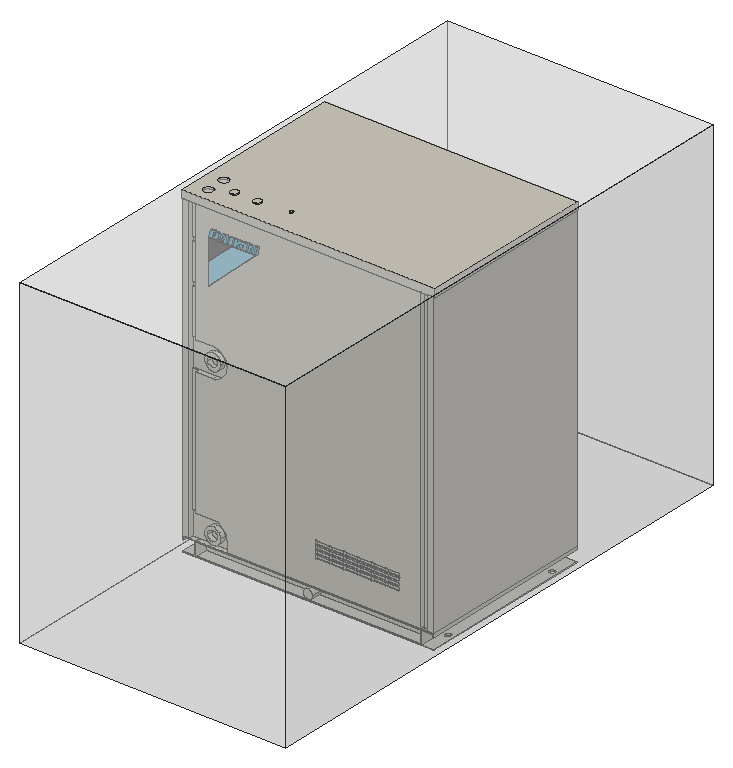
Revit family "outputfile", category 機械設備, Revit 2024
Family settings
  丸型コネクタ寸法 = 半径を使用
  種別 = なし
  パーツ タイプ = 標準
  OmniClass 番号 = 23.75.10.24.21.27.27
  OmniClass タイトル = Split System Air Conditioning Units
  作業面ベース = いいえ
  常に垂直 = はい
  ロード時にボイドで切り取り = いいえ
  注釈の向きを維持 = いいえ
  共有 = いいえ
  部屋計算ポイント = いいえ
Parameters (values of type "RWEYQ10TYM")
  製造元 = "Daikin"
  書き出し IFC クラス(タイプ) = "IfcUnitaryEquipmentType"
  定義済み IFC タイプ(タイプ) = "AIRCONDITIONINGUNIT"
  モデル = "RWEYQ10TYM"
  switch_unit1_6-8 = no
  switch_unit1_12 = no
  switch_unit1_10 = yes
  r_Water Outlet Pipe Connection = Water Outlet Pipe Connection_Unit1 / 2  # 15.9 mm
  r_Water Inlet Pipe Connection = Water Inlet Pipe Connection_Unit1 / 2  # 15.9 mm
  r_HP/LP Gas Pipe Size [instance] = [HP/LP Gas Pipe Size_Unit 1] / 2  # 11.1 mm
  r_Drain Pipe Size = Drain Pipe Size / 2  # 6.35 mm
  lw_Water Outlet = 95.0 mm
  lw_Water Inlet = 95.0 mm
  lw_HP/LP Gas Pipe [instance] = if(Heat Pump, 178.0 mm, 107.0 mm)  # 178.0 mm
  lw_Drain = 390.0 mm
  ld_HP/LP Gas Pipe = 69.0 mm
  h_mountinghole = [h_***] + 2.3 mm  # 2.3 mm
  r_Liquid Pipe Size = Liquid Pipe Size_Unit 1 / 2  # 4.75 mm
  r_Gas Pipe Size = Gas Pipe Size_Unit 1 / 2  # 11.1 mm
  angle_Drain [instance] = if(Rear Connection_Drain, 180.00°, 0.00°)  # 0.00°
  Water Outlet Pipe Connection_Unit1 = 31.8 mm
  Water Inlet Pipe Connection_Unit1 = 31.8 mm
  Voltage_comment_60Hz = "380"
  Voltage_comment_50Hz = "380-415"
  Voltage_60Hz = 380 V
  Voltage_50Hz = 400 V
  Top Connection_powersupply2 [instance] = not(Top Connection_powersupply1)  # no
  Sound Power Level (dB) = 71
  Rear Connection_Drain [instance] = not(Front Connection_Drain)  # no
  Power Input (Heating) = 5.600 kW
  Phase_60Hz = 3
  Phase_50Hz = 3
  Nominal Heating Capacity = 31.500 kW
  Minimum Circuit Amps_60Hz = 13.6 A
  Minimum Circuit Amps_50Hz = 13.6 A
  Maximum Fuse Amps_60Hz = 15.0 A
  Maximum Fuse Amps_50Hz = 15.0 A
  Material_Heat Exchanger = DAIKIN_Blue_HE_outdoorunit
  Material_Casing = DAIKIN_IvoryWhite_Casing_outdoorunit
  lw_powersupply = 51.0 mm
  lw_liquidpipe = 274.0 mm
  lw_gaspipe [instance] = if(Heat Pump, 107.0 mm, 178.0 mm)  # 107.0 mm
  lh_powersupply = 940.0 mm
  ld_powersupply [instance] = if(Top Connection_powersupply1, 38.0 mm, 98.0 mm)  # 38.0 mm
  ld_liquidpipe = 79.0 mm
  ld_gaspipe = 69.0 mm
  h_*** = 0.0 mm
  Width = 780.0 mm
  Version = "ver.1.0"
  Unit Type = ""
  Unit Mass Weight = 147.00 kg
  Unit Designation [instance] = ""
  Uniclass2015Version = "Products v1.30"
  Uniclass2015Title = "Variable refrigerant flow units"
  Uniclass2015Code = "Pr_70_65_03_94"
  Total Cooling Capacity [instance] = 0.000 kW
  Sound Pressure Level (dBA) = 51
  Series = "VRV Heat Recovery"
  Refrigerant_Base Charge = 4.200 kg
  Refrigerant_Additional Charge [instance] = 0.000 kg
  Refrigerant Type = "R410A"
  Power Input (Cooling) = 5.430 kW
  Option Accessory 3 [instance] = ""
  Option Accessory 2 [instance] = ""
  Option Accessory 1 [instance] = ""
  Nominal Cooling Capacity = 28.000 kW
  Load Classification = HVAC
  Liquid Pipe Size_Unit 1 = 9.5 mm
  Link_Nested Family [instance] = ""
  IfcVersion = ""
  IfcExportType = "AIRCONDITIONINGUNIT"
  IfcExportAs = "IfcUnitaryEquipmentType"
  Height = 1000.0 mm
  Heat Recovery [instance] = not(Heat Pump)  # no
  Heat Pump [instance] = yes
  Heat Exchanger Type = "Stainless Steel Plate"
  HP/LP Gas Pipe Size_Unit 1 [instance] = if(and(Heat Pump, [switch_unit1_6-8]), 19.1 mm, if(and(Heat Pump, switch_unit1_10), 22.2 mm, if(and(Heat Pump, switch_unit1_12), 22.2 mm, if(and(Heat Recovery, [switch_unit1_6-8]), 15.9 mm, if(and(Heat Recovery, switch_unit1_10), 19.1 mm, if(and(Heat Recovery, switch_unit1_12), 19.1 mm, 19.1 mm))))))  # 22.2 mm
  Gas Pipe Size_Unit 1 = 22.2 mm
  Top Connection_powersupply1 [instance] = yes
  Front Connection_Drain [instance] = yes
  Frequency_60Hz = 60 Hz
  Frequency_50Hz = 50 Hz
  Drain Pipe Size = 12.7 mm
  Depth = 550.0 mm
  既定の高さ = 0.0 mm
  Cooling Ambient Wet Bulb Temperature [instance] = 0.00 °C
  Cooling Ambient Dry Bulb Temperature [instance] = 0.00 °C
  Compressor Type = "Hermetically Sealed Scroll Type"
  Clearance visibility [instance] = yes
  Clearance Top = 0.0 mm
  Clearance Right = 20.0 mm
  Clearance Rear = 500.0 mm
  Clearance Left = 20.0 mm
  Clearance Front = 600.0 mm
  Clearance Bottom = 0.0 mm
  CU Tag No. [instance] = ""
Reference planes
  plane 1 "Center (Front/Back)": y = 0
  plane 2 "h_***": z = 0
  plane 3 "Center (Left/Right)": x = 0
  plane 4 "Back": y = 275
  plane 5 "Front": y = -275
  plane 6 "Left": x = -390
  plane 7 "Right": x = 390
  plane 8 "Top": z = 1000
  plane 9 "Clearance Rear": y = 775
  plane 10 "Clearance Front": y = -875
  plane 11 "Clearance Left": x = -410
  plane 12 "Clearance Right": x = 410
  plane 13 "Clearance Top": z = 1000
  plane 14 "Clearance Bottom": z = 0
  plane 15 "Bottom": z = 0
  plane 16 "lw_powersupply": x = -339
  plane 17 "ld_powersupply": y = -237
  plane 18 "lw_liquidpipe": x = -116
  plane 19 "Rear Connection_refrigetant": y = -196
  plane 20 "lw_gaspipe": x = -283
  plane 21 "ld_gaspipe": y = -206
  plane 22 "lh_logo": z = 900
  plane 23 "lw_logo": x = 100
  plane 24 "lh_powersupply": z = 940
  plane 25 "lw_HP/LP Gas Pipe": x = -212
  plane 26 "ld_HP/LP Gas Pipe": y = -206
  plane 27 "lw_Water Inlet": x = -295
  plane 28 "lw_Water Outlet": x = -295
  plane 29 "lw_Drain": x = 0
Dimensions and locks
  equal spacing: plane 4 "Back", plane 1 "Center (Front/Back)", plane 5 "Front"
  "Depth": plane 4 "Back" to plane 5 "Front"
  equal spacing: plane 6 "Left", plane 3 "Center (Left/Right)", plane 7 "Right"
  "Width": plane 6 "Left" to plane 7 "Right"
  "Clearance Rear": plane 9 "Clearance Rear" to plane 4 "Back"
  "Clearance Front": plane 10 "Clearance Front" to plane 5 "Front"
  "Clearance Left": plane 11 "Clearance Left" to plane 6 "Left"
  "Clearance Right": plane 7 "Right" to plane 12 "Clearance Right"
  "Clearance Top": plane 13 "Clearance Top" to plane 8 "Top"
  "h_***": plane 15 "Bottom" to plane 2 "h_***"
  "Height": plane 8 "Top" to plane 15 "Bottom"
  "Clearance Bottom": plane 15 "Bottom" to plane 14 "Clearance Bottom"
  "ld_powersupply": plane 17 "ld_powersupply" to plane 5 "Front"
  "ld_liquidpipe": plane 19 "Rear Connection_refrigetant" to plane 5 "Front"
  "ld_gaspipe": plane 21 "ld_gaspipe" to plane 5 "Front"
  locked: plane 23 "lw_logo" to plane 7 "Right" at 290
  locked: plane 22 "lh_logo" to plane 15 "Bottom" at 900
  "lw_gaspipe": plane 6 "Left" to plane 20 "lw_gaspipe"
  "lw_liquidpipe": plane 6 "Left" to plane 18 "lw_liquidpipe"
  "lw_powersupply": plane 6 "Left" to plane 16 "lw_powersupply"
  "lh_powersupply": plane 24 "lh_powersupply" to plane 15 "Bottom"
  "lw_HP/LP Gas Pipe": plane 6 "Left" to plane 25 "lw_HP/LP Gas Pipe"
  "ld_HP/LP Gas Pipe": plane 26 "ld_HP/LP Gas Pipe" to plane 5 "Front"
  "lw_Water Inlet": plane 6 "Left" to plane 27 "lw_Water Inlet"
  "lw_Water Outlet": plane 6 "Left" to plane 28 "lw_Water Outlet"
  "lw_Drain": plane 6 "Left" to plane 29 "lw_Drain"
  aligned and locked: level to plane 2 "h_***"
  aligned and locked: plane 9 "Clearance Rear" to nested 2
  aligned and locked: nested 2 to plane 10 "Clearance Front"
  aligned and locked: plane 11 "Clearance Left" to nested 2
  aligned and locked: plane 12 "Clearance Right" to nested 2
  aligned and locked: plane 13 "Clearance Top" to nested 2
  aligned and locked: plane 14 "Clearance Bottom" to nested 2
  aligned and locked: plane 8 "Top" to nested 1
  aligned and locked: plane 22 "lh_logo" to nested 7
  aligned and locked: nested 8 to plane 16 "lw_powersupply"
  aligned and locked: nested 9 to plane 20 "lw_gaspipe"
  aligned and locked: nested 10 to plane 18 "lw_liquidpipe"
  aligned and locked: nested 10 to plane 19 "Rear Connection_refrigetant"
  aligned and locked: nested 9 to plane 21 "ld_gaspipe"
  aligned and locked: nested 8 to plane 17 "ld_powersupply"
  aligned and locked: plane 5 "Front" to nested 7
  aligned and locked: plane 24 "lh_powersupply" to nested 8
  aligned and locked: plane 1 "Center (Front/Back)" to nested 11
  aligned and locked: plane 27 "lw_Water Inlet" to nested 11
  aligned and locked: plane 1 "Center (Front/Back)" to nested 12
  aligned and locked: plane 28 "lw_Water Outlet" to nested 12
  aligned and locked: plane 1 "Center (Front/Back)" to nested 13
  aligned and locked: plane 29 "lw_Drain" to nested 13
  aligned and locked: plane 25 "lw_HP/LP Gas Pipe" to nested 14
  aligned and locked: nested 14 to plane 26 "ld_HP/LP Gas Pipe"
Nested families
  nested 1: "DAIKIN_outdoorunit_RWEYQ-TYM" at (-31, 0, 0), h_*** <- "h_***", Link_Nest <- "Link_Nested Family", h_mountinghole <- "h_mountinghole", Width <- "Width", type "RWEYQ-TYM"
    with show_fixedhole yes, h_mountinghole 2.3 mm, h_antenna_mountinghole 998.7 mm, h_*** 0.0 mm, array_bolt 5, Width 780.0 mm, Link_Nest "", switch_unit1_6-8 no, switch_unit1_10 yes, Heat Recovery no, Heat Pump yes, HP/LP Pipe Size_Unit 1_L 178.0 mm, HP/LP Pipe Size_Unit 1 22.2 mm, Gas Pipe Size_Unit 1_L 107.0 mm, Gas Pipe Size_Unit 1 22.2 mm
  nested 2: "daikin_clearancespace" at (0, -50, 500.119), visible <- "Clearance visibility", show <- "Clearance visibility", Link_Nested Family <- "Link_Nested Family", type "daikin_clearancespace"
    with width 820.0 mm, show yes, height 1000.0 mm, depth 1650.0 mm, Link_Nested Family ""
  nested 3: "daikin_mountinghole" at (-372, 200, 0), type "daikin_mountinghole"
    with show yes, l_antenna 998.7 mm, h_mountinghole 2.3 mm, Link_Nested Family ""
  nested 4: "daikin_mountinghole" at (372, 200, 0), type "daikin_mountinghole"
    with show yes, l_antenna 998.7 mm, h_mountinghole 2.3 mm, Link_Nested Family ""
  nested 5: "daikin_mountinghole" at (-372, -200, 0), type "daikin_mountinghole"
    with show yes, l_antenna 998.7 mm, h_mountinghole 2.3 mm, Link_Nested Family ""
  nested 6: "daikin_mountinghole" at (372, -200, 0), type "daikin_mountinghole"
    with show yes, l_antenna 998.7 mm, h_mountinghole 2.3 mm, Link_Nested Family ""
  nested 7: "daikin_logo_elevation_w150" at (-212.5, -275, 744.568), type "daikin_logo_elevation_w150"
    with show_logo yes
  nested 8: "daikin_connector_rotate3" at (-339, -237, 940) x (-1, 0, 0) z (0, 0, -1), type "daikin_connector_rotate3"
    with show no, radius 10.0 mm, length 60.0 mm, angle_vertical 0.00°, angle_horizontal 0.00°
  nested 9: "daikin_connector_rotate3" at (-283, -206, 940) x (-1, 0, 0) z (0, 0, -1), radius <- "r_Gas Pipe Size", type "daikin_connector_rotate3"
    with show no, radius 11.1 mm, length 60.0 mm, angle_vertical 0.00°, angle_horizontal 0.00°
  nested 10: "daikin_connector_rotate3" at (-116, -196, 940) x (-1, 0, 0) z (0, 0, -1), radius <- "r_Liquid Pipe Size", type "daikin_connector_rotate3"
    with show no, radius 4.75 mm, length 60.0 mm, angle_vertical 0.00°, angle_horizontal 0.00°
  nested 11: "daikin_connector_rotate3" at (-295, 0, 76), radius <- "r_Water Inlet Pipe Connection", type "daikin_connector_rotate3"
    with show no, radius 15.9 mm, length 275.0 mm, angle_vertical 90.00°, angle_horizontal 0.00°
  nested 12: "daikin_connector_rotate3" at (-295, 0, 556), radius <- "r_Water Outlet Pipe Connection", type "daikin_connector_rotate3"
    with show no, radius 15.9 mm, length 275.0 mm, angle_vertical 90.00°, angle_horizontal 0.00°
  nested 13: "daikin_connector_rotate3" at (0, 0, 19), radius <- "r_Drain Pipe Size", angle_horizontal <- "angle_Drain", type "daikin_connector_rotate3"
    with show no, radius 6.35 mm, length 275.0 mm, angle_vertical 90.00°, angle_horizontal 0.00°
  nested 14: "daikin_connector_rotate3" at (-212, -206, 940) x (1, 0, 0) z (0, 0, -1), radius <- "r_HP/LP Gas Pipe Size", type "daikin_connector_rotate3"
    with show no, radius 11.1 mm, length 60.0 mm, angle_vertical 0.00°, angle_horizontal 0.00°
Connectors
  piping at (-116, -196, 1000), diameter 9.5, driven by "r_Liquid Pipe Size"
    settings: on nested 10, index 12, connector inside diameter 609.6 mm, connector length 0.0 mm, flow factor 0, pipe flow 0.00 m³/h, pressure drop 0.0 Pa, fitting loss kfactor 0, connector angle 0.00°, fixture units 0, engagement length 0.0 mm, angle of deflection 0.00°, flow configuration 0, flow direction 2, fitting loss method 0, system type 29, joint type 0, gender type 0, connector reference index -1, connector utility 0, adjustable connector no, is connector primary no, connector description "Refrigerant Liquid Piping"
  electrical at (-339, -237, 1000), driven by "Load Classification"
    settings: on nested 8, index 13, voltage 0 V, apparent load 0 VA, apparent load phase1 0 VA, apparent load phase2 0 VA, apparent load phase3 0 VA, power factor 1, load classification "HVAC", number of poles 1, system type 30, power factor state 1, is connector primary yes, connector utility no, sub classification motor no, connector description "Power Supply"
  piping at (-295, -275, 76), diameter 31.8, driven by "r_Water Inlet Pipe Connection"
    settings: on nested 11, index 15, connector inside diameter 609.6 mm, connector length 0.0 mm, flow factor 0, pipe flow 0.00 m³/h, pressure drop 0.0 Pa, fitting loss kfactor 0, connector angle 0.00°, fixture units 0, engagement length 0.0 mm, angle of deflection 0.00°, flow configuration 1, flow direction 1, fitting loss method 0, system type 7, joint type 0, gender type 0, connector reference index -1, connector utility 0, adjustable connector no, is connector primary no, connector description "Cooling Water Inlet  Piping"
  piping at (-295, -275, 556), diameter 31.8, driven by "r_Water Outlet Pipe Connection"
    settings: on nested 12, index 16, connector inside diameter 609.6 mm, connector length 0.0 mm, flow factor 0, pipe flow 0.00 m³/h, pressure drop 0.0 Pa, fitting loss kfactor 0, connector angle 0.00°, fixture units 0, engagement length 0.0 mm, angle of deflection 0.00°, flow configuration 1, flow direction 2, fitting loss method 0, system type 8, joint type 0, gender type 0, connector reference index -1, connector utility 0, adjustable connector no, is connector primary no, connector description "Cooling Water Outlet Piping"
  piping at (0, -275, 19), diameter 12.7, driven by "r_Drain Pipe Size"
    settings: on nested 13, index 17, connector inside diameter 609.6 mm, connector length 0.0 mm, flow factor 0, pipe flow 0.00 m³/h, pressure drop 0.0 Pa, fitting loss kfactor 0, connector angle 0.00°, fixture units 0, engagement length 0.0 mm, angle of deflection 0.00°, flow configuration 1, flow direction 2, fitting loss method 4, system type 16, joint type 0, gender type 0, connector reference index -1, connector utility 0, adjustable connector no, is connector primary no, connector description "Condensate Drain Piping"
  piping at (-212, -206, 1000), diameter 22.2, driven by "r_HP/LP Gas Pipe Size"
    settings: on nested 14, index 19, connector inside diameter 609.6 mm, connector length 0.0 mm, flow factor 0, pipe flow 0.00 m³/h, pressure drop 0.0 Pa, fitting loss kfactor 0, connector angle 0.00°, fixture units 0, engagement length 0.0 mm, angle of deflection 0.00°, flow configuration 0, flow direction 0, fitting loss method 0, system type 29, joint type 0, gender type 0, connector reference index -1, connector utility 0, adjustable connector no, is connector primary no, connector description "Refrigerant HP/LP Gas Piping"
  piping at (-283, -206, 1000), diameter 22.2, driven by "r_Gas Pipe Size"
    settings: on nested 9, index 20, connector inside diameter 609.6 mm, connector length 0.0 mm, flow factor 0, pipe flow 0.00 m³/h, pressure drop 0.0 Pa, fitting loss kfactor 0, connector angle 0.00°, fixture units 0, engagement length 0.0 mm, angle of deflection 0.00°, flow configuration 0, flow direction 1, fitting loss method 0, system type 29, joint type 0, gender type 0, connector reference index -1, connector utility 0, adjustable connector no, is connector primary yes, connector description "Refrigerant Gas Piping"
Definition of nested family "DAIKIN_outdoorunit_RWEYQ-TYM"
  Parameters (values of type "RWEYQ-TYM")
    w_wiremesh_right = 668.0 mm  # constant formula
    w_wiremesh_left = 590.0 mm  # constant formula
    w_wiremesh_front = 248.0 mm  # constant formula
    switch_unit1_6-8 = yes
    switch_unit1_12 = no
    switch_unit1_10 = no
    show_fixedhole [instance] = yes
    material_heatexchanger = none
    material_casing = none
    ld_hole1_bottom = 154.0 mm  # constant formula
    h_wiremesh = 900.0 mm  # constant formula
    h_mountinghole [instance] = 2.3 mm
    h_antenna_mountinghole [instance] = Height + 1.0 mm - 2.3 mm  # 998.7 mm
    h_*** [instance] = 0.0 mm
    array_bolt [instance] = 5
    Width [instance] = 780.0 mm
    Liquid Pipe Size_Unit 1 = if([switch_unit1_6-8], 9.5 mm, if(switch_unit1_10, 9.5 mm, if(switch_unit1_12, 12.7 mm, 9.5 mm)))  # 9.5 mm
    Link_Nest [instance] = ""
    Height = 1000.0 mm
    Heat Recovery = not(Heat Pump)  # yes
    Heat Pump = no
    HP/LP Pipe Size_Unit 1_L = if(Heat Pump, 178.0 mm, 107.0 mm)  # 107.0 mm
    HP/LP Pipe Size_Unit 1 = if(Heat Recovery, if([switch_unit1_6-8], 15.9 mm, if(switch_unit1_10, 19.1 mm, if(switch_unit1_12, 19.1 mm, 15.9 mm))), if([switch_unit1_6-8], 19.1 mm, if(switch_unit1_10, 22.2 mm, if(switch_unit1_12, 22.2 mm, 19.1 mm))))  # 15.9 mm
    Gas Pipe Size_Unit 1_L = if(Heat Pump, 107.0 mm, 178.0 mm)  # 178.0 mm
    Gas Pipe Size_Unit 1_H = 60.0 mm  # constant formula
    Gas Pipe Size_Unit 1 = if([switch_unit1_6-8], 19.1 mm, if(switch_unit1_10, 22.2 mm, if(switch_unit1_12, 22.2 mm, 19.1 mm)))  # 19.1 mm
    Depth = 550.0 mm
    Default Elevation = 0.0 mm
  Reference planes
    plane 1 "Center (Front/Back)": y = 0
    plane 2 "reference_level": z = 0
    plane 3 "Center (Left/Right)": x = 31
    plane 4 "Bottom": z = 0
    plane 5: x = 421
    plane 6: x = -359
    plane 7 "Back": y = 275
    plane 8 "Front": y = -275
    plane 9: z = 1000
    plane 10: z = 976
    plane 11: y = -255
    plane 12: y = 255
    plane 13: x = -337
    plane 14: x = 399
    plane 15: x = -341
    plane 16: z = 45
    plane 17: x = 403
    plane 18: y = 200
    plane 19: y = -200
    plane 20: z = 1060
    plane 21: z = 19
    plane 22: z = 1000
    plane 23: z = 940
  Forms (mm)
    Extrusion 1, solid, material <- "material_heatexchanger"
      sketch origin (0, 0, 0) x (1, 0, 0) y (0, 1, 0)
        loop
          line (-337, 255) -> (-337, -255) -> (399, -255) -> (399, 255) -> (-337, 255)
      from 54 to 976
    Extrusion 2, void
      sketch origin (0, 350, 0) x (1, 0, 0) y (0, 1, 0)
        loop
          circle (-341, -150) r 8.5
        loop
          circle (403, -150) r 8.5
        loop
          circle (403, -550) r 8.5
        loop
          circle (-341, -550) r 8.5
      from 0 to 29.064
    Extrusion 3, solid, material <- "material_casing"
      sketch origin (620, -305, 0) x (-1, 0, 0) y (0, 0, 1)
        loop
          line (204.3, 35.061) -> (204.3, 42.7) -> (239.7, 42.7) -> (239.7, 2.3) -> (201, 2.3) -> (201, 0) -> (242, 0) -> (242, 45) -> (201, 45) -> (201, 35.061) -> (204.3, 35.061)
        loop
          line (973.7, 35.061) -> (977, 35.061) -> (977, 45) -> (936, 45) -> (936, 0) -> (977, 0) -> (977, 2.3) -> (938.3, 2.3) -> (938.3, 42.7) -> (973.7, 42.7) -> (973.7, 35.061)
      from 30 to 580
    Extrusion 4, solid, material <- "material_casing"
      sketch origin (31, 0, 0) x (0, 1, 0) y (0, 0, 1)
        loop
          line (-275, 45) -> (-275, 42.7) -> (-236.3, 42.7) -> (-236.3, 2.3) -> (-275, 2.3) -> (-275, 0) -> (-234, 0) -> (-234, 45) -> (-275, 45)
        loop
          line (275, 45) -> (234, 45) -> (234, 0) -> (275, 0) -> (275, 2.3) -> (236.3, 2.3) -> (236.3, 42.7) -> (275, 42.7) -> (275, 45)
      from -347 to 347
    Extrusion 5, solid, material <- "material_casing"
      sketch origin (0, 0, 0) x (1, 0, 0) y (0, 1, 0)
        loop
          circle (-85, -196) r 4.75
        loop
          circle (-252, -206) r 7.95
      from 940 to 1000
    Extrusion 6, solid, material <- "material_casing"
      sketch origin (-663.497, -190, 1200) x (-1, 0, 0) y (0, 0, 1)
        loop
          circle (-694.497, -1181) r 14
      from -85 to -46.3
    Extrusion 7, solid, material <- "material_casing"
      sketch origin (-663.497, 230, 1200) x (-1, 0, 0) y (0, 0, 1)
        loop
          circle (-694.497, -1181) r 14
      from 6.3 to 45
    Extrusion 8, solid, material <- "material_casing"
      sketch origin (0, -500, 0) x (1, 0, 0) y (0, 1, 0)
        loop
          circle (-181, 294) r 9.55
      from 940 to 1000
  Cuts and joins
    Extrusion 2 cuts Extrusion 3
  Dimensions and locks
    equal spacing: plane 6, plane 3 "Center (Left/Right)", plane 5
    "Width": plane 6 to plane 5
    locked: plane 9 to plane 10 at 24
    "Depth": plane 8 "Front" to plane 7 "Back"
    equal spacing: plane 7 "Back", plane 1 "Center (Front/Back)", plane 8 "Front"
    locked: plane 12 to plane 7 "Back" at 20
    locked: plane 11 to plane 8 "Front" at 20
    locked: plane 6 to plane 13 at 22
    locked: plane 14 to plane 5 at 22
    locked: plane 6 to plane 15 at 18
    "h_***": plane 4 "Bottom" to plane 2 "reference_level"
    locked: plane 16 to plane 4 "Bottom" at 45
    "Height": plane 9 to plane 4 "Bottom"
    locked: plane 5 to Extrusion 3 sketch curve at 2  (x2)
    locked: Extrusion 3 sketch curve to Extrusion 3 sketch curve at 41  (x2)
    locked: Extrusion 3 sketch curve to Extrusion 3 sketch curve at 3.3  (x2)
    locked: Extrusion 3 sketch curve to plane 6 at 2  (x2)
    locked: plane 8 "Front" to Extrusion 4 sketch curve at 41
    locked: Extrusion 4 sketch curve to plane 7 "Back" at 41
    locked: plane 17 to plane 5 at 18
    plane 19 to plane 8 "Front" = 75.0 mm
    locked: plane 18 to plane 7 "Back" at 75
    locked: Extrusion 5 sketch curve to plane 8 "Front" at 79
    locked: plane 6 to Extrusion 5 sketch curve at 274
    "HP/LP Pipe Size_Unit 1_L": plane 6 to Extrusion 5 sketch curve
    locked: Extrusion 5 sketch curve to plane 8 "Front" at 69
    locked: plane 20 to plane 9 at 60
    locked: plane 21 to plane 4 "Bottom" at 19
    locked: plane 8 "Front" to Extrusion 8 sketch curve at 69
    "Gas Pipe Size_Unit 1_L": plane 6 to Extrusion 8 sketch curve
    "Gas Pipe Size_Unit 1_H": plane 20 to plane 22
    locked: plane 22 to plane 23 at 60
    "HP/LP Pipe Size_Unit 1": diameter of Extrusion 5 sketch curve
    "Liquid Pipe Size_Unit 1": diameter of Extrusion 5 sketch curve
    "Gas Pipe Size_Unit 1": diameter of Extrusion 8 sketch curve
    aligned and locked: level to plane 2 "reference_level"
    aligned and locked: plane 12 to Extrusion 1 sketch curve
    aligned and locked: plane 11 to Extrusion 1 sketch curve
    aligned and locked: plane 13 to Extrusion 1 sketch curve
    aligned and locked: plane 14 to Extrusion 1 sketch curve
    aligned and locked: plane 10 to Extrusion 1
    aligned and locked: plane 11 to nested 1
    aligned and locked: plane 10 to nested 4
    aligned and locked: nested 5 to plane 9
    aligned and locked: plane 10 to nested 3
    aligned and locked: plane 10 to nested 2
    aligned and locked: plane 13 to nested 4
    aligned and locked: plane 14 to nested 2
    aligned and locked: plane 12 to nested 3
    aligned and locked: plane 15 to nested 7
    aligned and locked: plane 15 to nested 9
    aligned and locked: plane 8 "Front" to nested 5
    aligned and locked: plane 6 to nested 5
    aligned and locked: plane 10 to nested 1
    aligned and locked: plane 13 to nested 1
    aligned and locked: nested 2 to plane 1 "Center (Front/Back)"
    aligned and locked: nested 3 to plane 3 "Center (Left/Right)"
    aligned and locked: plane 1 "Center (Front/Back)" to nested 4
    aligned and locked: nested 6 to plane 3 "Center (Left/Right)"
    aligned and locked: plane 1 "Center (Front/Back)" to nested 6
    aligned and locked: plane 16 to Extrusion 3 sketch curve
    aligned and locked: Extrusion 3 sketch curve to plane 4 "Bottom"
    aligned and locked: Extrusion 3 sketch curve to plane 16
    aligned and locked: plane 4 "Bottom" to Extrusion 3 sketch curve
    aligned and locked: Extrusion 3 to plane 7 "Back"
    aligned and locked: Extrusion 3 to plane 8 "Front"
    aligned and locked: plane 8 "Front" to Extrusion 4 sketch curve  (x2)
    aligned and locked: plane 4 "Bottom" to Extrusion 4 sketch curve
    aligned and locked: Extrusion 4 sketch curve to plane 16
    aligned and locked: Extrusion 4 sketch curve to plane 7 "Back"  (x2)
    aligned and locked: plane 18 to Extrusion 2 sketch curve  (x2)
    aligned and locked: plane 15 to Extrusion 2 sketch curve  (x2)
    aligned and locked: plane 17 to Extrusion 2 sketch curve  (x2)
    aligned and locked: plane 17 to nested 8
    aligned and locked: plane 18 to nested 8
    aligned and locked: plane 18 to nested 7
    aligned and locked: nested 7 to plane 15
    aligned and locked: nested 9 to plane 19
    aligned and locked: nested 9 to plane 15
    aligned and locked: nested 10 to plane 19
    aligned and locked: plane 17 to nested 10
    aligned and locked: plane 19 to Extrusion 2 sketch curve  (x2)
    aligned and locked: plane 3 "Center (Left/Right)" to Extrusion 6 sketch curve
    aligned and locked: plane 21 to Extrusion 6 sketch curve
    aligned and locked: plane 22 to Extrusion 8
    aligned and locked: Extrusion 8 to plane 23
    aligned and locked: Extrusion 5 to plane 23
    aligned and locked: Extrusion 5 to plane 22
  Automatic sketch dimensions
    Extrusion 3 sketch curve to Extrusion 3 sketch curve = 2.3 mm  (x2)
    level to Extrusion 3 sketch curve = 2.3 mm  (x2)
    Extrusion 3 sketch curve to plane 16 = 9.939 mm  (x2)
    Extrusion 3 sketch curve to plane 16 = 2.3 mm  (x2)
    Extrusion 4 sketch curve to level = 0.0 mm
    Extrusion 4 sketch curve to plane 16 = 0.0 mm
    Extrusion 4 sketch curve to Extrusion 4 sketch curve = 2.3 mm  (x2)
    level to Extrusion 4 sketch curve = 2.3 mm  (x2)
    Extrusion 4 sketch curve to plane 16 = 2.3 mm  (x2)
    Extrusion 7 sketch curve to plane 3 "Center (Left/Right)" = 0.0 mm
    Extrusion 7 sketch curve to plane 21 = 0.0 mm
    radius of Extrusion 2 sketch curve = 8.5 mm  (x4)
    radius of Extrusion 6 sketch curve = 14.0 mm
    radius of Extrusion 7 sketch curve = 14.0 mm
  Nested families
    nested 1: "outdoorunit_frontpanel" at (-337, -265, 45), material <- "material_casing", type "frontpanel1"
      with material none
    nested 2: "outdoorunit_rightpanel1" at (409, -275, 45) x (0, 1, 0) z (0, 0, 1), material <- "material_casing", type "frontpanel1"
      with material none
    nested 3: "outdoorunit_backpanel" at (399, 265, 45) x (-1, 0, 0) z (0, 0, 1), material <- "material_casing", type "frontpanel1"
      with material none
    nested 4: "outdoorunit_leftpanel" at (-347, 275, 45) x (0, -1, 0) z (0, 0, 1), material <- "material_casing", type "frontpanel1"
      with material none
    nested 5: "outdoorunit_uppanel" at (-359, -275, 988) x (1, 0, 0) z (0, 1, 0), material <- "material_casing", type "frontpanel1"
      with material none
    nested 6: "outdoorunit_downpanel" at (399, 255, 56) x (-1, 0, 0) z (0, -1, 0), material <- "material_casing", type "frontpanel1"
      with material none
    nested 7: "daikin_mountinghole" at (-341, 200, 0), visible <- "show_fixedhole", Link_Nested Family <- "Link_Nest", l_antenna <- "h_antenna_mountinghole", h_mountinghole <- "h_mountinghole", type "daikin_mountinghole"
      with show yes, l_antenna 998.7 mm, h_mountinghole 2.3 mm, Link_Nested Family ""
    nested 8: "daikin_mountinghole" at (403, 200, 0), visible <- "show_fixedhole", Link_Nested Family <- "Link_Nest", l_antenna <- "h_antenna_mountinghole", h_mountinghole <- "h_mountinghole", type "daikin_mountinghole"
      with show yes, l_antenna 998.7 mm, h_mountinghole 2.3 mm, Link_Nested Family ""
    nested 9: "daikin_mountinghole" at (-341, -200, 0), visible <- "show_fixedhole", Link_Nested Family <- "Link_Nest", l_antenna <- "h_antenna_mountinghole", h_mountinghole <- "h_mountinghole", type "daikin_mountinghole"
      with show yes, l_antenna 998.7 mm, h_mountinghole 2.3 mm, Link_Nested Family ""
    nested 10: "daikin_mountinghole" at (403, -200, 0), visible <- "show_fixedhole", Link_Nested Family <- "Link_Nest", l_antenna <- "h_antenna_mountinghole", h_mountinghole <- "h_mountinghole", type "daikin_mountinghole"
      with show yes, l_antenna 998.7 mm, h_mountinghole 2.3 mm, Link_Nested Family ""
  Definition of nested family "outdoorunit_frontpanel"
    Parameters (values of type "frontpanel1")
      width = 736.0 mm
      material [instance] = none
      height1 = 931.0 mm
      depth = 20.0 mm
      Default Elevation = 0.0 mm
    Reference planes
      plane 1 "Center (Front/Back)": y = 0
      plane 2 "Bottom": z = 0
      plane 3: x = 0
      plane 4 "Back": y = 10
      plane 5 "Front": y = -10
      plane 6: x = 736
      plane 7 "Top": z = 931
      plane 8 "Left": x = 0
      plane 9 "Center L/S": y = 5
      plane 10 "Center L/T": y = -5
    Forms (mm)
      Extrusion 1, solid, material <- "material"
        sketch origin (0, 0, 0) x (1, 0, 0) y (0, 1, 0)
          loop
            line (0, 10) -> (0, -10) -> (736, -10) -> (736, 10) -> (0, 10)
        from 0 to 931
      Extrusion 2, void
        sketch origin (0, 0, 0) x (1, 0, 0) y (0, 0, 1)
          loop
            line (0, 931) -> (0, 0) -> (21, 0) -> (21, 931) -> (0, 931)
          loop
            line (736, 931) -> (715, 931) -> (715, 0) -> (736, 0) -> (736, 931)
        from 0 to 250
      Extrusion 3, void
        sketch origin (0, 0, 0) x (1, 0, 0) y (0, 0, 1)
          loop
            line (2, 931) -> (-33, 931) -> (-33, -14) -> (118, -14) -> (118, 31)
            arc (118, 31) -> (104.82, 62.82) -> (73, 76) r 45
            line (73, 76) -> (2, 76) -> (2, 466) -> (73, 466)
            arc (73, 466) -> (118, 511) -> (73, 556) r 45
            line (73, 556) -> (2, 556) -> (2, 692) -> (10.5, 692)
            arc (10.5, 692) -> (18, 699.5) -> (10.5, 707) r 7.5
            line (10.5, 707) -> (2, 707) -> (2, 817) -> (10.5, 817)
            arc (10.5, 817) -> (18, 824.5) -> (10.5, 832) r 7.5
            line (10.5, 832) -> (2, 832) -> (2, 931)
        from -5 to 250
      Extrusion 4, void
        sketch origin (0, 0, 0) x (1, 0, 0) y (0, 0, 1)
          loop
            line (734, 931) -> (734, 0) -> (972.161, 0) -> (972.161, 931) -> (734, 931)
        from -5 to 250
      Extrusion 5, solid, material <- "material"
        sketch origin (0, 0, 0) x (1, 0, 0) y (0, 0, 1)
          loop
            circle (73, 511) r 25
          loop
            circle (73, 511) r 15.5
          loop
            circle (73, 31) r 25
          loop
            circle (73, 31) r 15.5
        from -5 to 10
      Extrusion 6, void
        sketch origin (0, 0, 0) x (1, 0, 0) y (0, 0, 1)
          loop
            line (390.8, 131) -> (390.8, 118.75) -> (433.5, 118.75) -> (433.5, 131) -> (390.8, 131)
          loop
            line (390.8, 80) -> (433.5, 80) -> (433.5, 92.25) -> (390.8, 92.25) -> (390.8, 80)
          loop
            line (390.8, 117.75) -> (390.8, 106) -> (433.5, 106) -> (433.5, 117.75) -> (390.8, 117.75)
          loop
            line (390.8, 105) -> (390.8, 93.25) -> (433.5, 93.25) -> (433.5, 105) -> (390.8, 105)
          loop
            line (476.7, 131) -> (434.5, 131) -> (434.5, 118.75) -> (476.7, 118.75) -> (476.7, 131)
          loop
            line (434.5, 80) -> (476.7, 80) -> (476.7, 92.25) -> (434.5, 92.25) -> (434.5, 80)
          loop
            line (434.5, 117.75) -> (434.5, 106) -> (476.7, 106) -> (476.7, 117.75) -> (434.5, 117.75)
          loop
            line (434.5, 105) -> (434.5, 93.25) -> (476.7, 93.25) -> (476.7, 105) -> (434.5, 105)
          loop
            line (519.9, 131) -> (477.7, 131) -> (477.7, 118.75) -> (519.9, 118.75) -> (519.9, 131)
          loop
            line (477.7, 80) -> (519.9, 80) -> (519.9, 92.25) -> (477.7, 92.25) -> (477.7, 80)
          loop
            line (477.7, 117.75) -> (477.7, 106) -> (519.9, 106) -> (519.9, 117.75) -> (477.7, 117.75)
          loop
            line (477.7, 105) -> (477.7, 93.25) -> (519.9, 93.25) -> (519.9, 105) -> (477.7, 105)
          loop
            line (563.1, 131) -> (520.9, 131) -> (520.9, 118.75) -> (563.1, 118.75) -> (563.1, 131)
          loop
            line (520.9, 80) -> (563.1, 80) -> (563.1, 92.25) -> (520.9, 92.25) -> (520.9, 80)
          loop
            line (520.9, 117.75) -> (520.9, 106) -> (563.1, 106) -> (563.1, 117.75) -> (520.9, 117.75)
          loop
            line (520.9, 105) -> (520.9, 93.25) -> (563.1, 93.25) -> (563.1, 105) -> (520.9, 105)
          loop
            line (606.3, 131) -> (564.1, 131) -> (564.1, 118.75) -> (606.3, 118.75) -> (606.3, 131)
          loop
            line (564.1, 80) -> (606.3, 80) -> (606.3, 92.25) -> (564.1, 92.25) -> (564.1, 80)
          loop
            line (564.1, 117.75) -> (564.1, 106) -> (606.3, 106) -> (606.3, 117.75) -> (564.1, 117.75)
          loop
            line (564.1, 105) -> (564.1, 93.25) -> (606.3, 93.25) -> (606.3, 105) -> (564.1, 105)
          loop
            line (650, 131) -> (607.3, 131) -> (607.3, 118.75) -> (650, 118.75) -> (650, 131)
          loop
            line (607.3, 80) -> (650, 80) -> (650, 92.25) -> (607.3, 92.25) -> (607.3, 80)
          loop
            line (607.3, 117.75) -> (607.3, 106) -> (650, 106) -> (650, 117.75) -> (607.3, 117.75)
          loop
            line (607.3, 105) -> (607.3, 93.25) -> (650, 93.25) -> (650, 105) -> (607.3, 105)
        from 5 to 250
    Cuts and joins
      Extrusion 2, Extrusion 3, Extrusion 4, Extrusion 6 cuts Extrusion 1
    Dimensions and locks
      equal spacing: plane 4 "Back", plane 1 "Center (Front/Back)", plane 5 "Front"
      "depth": plane 4 "Back" to plane 5 "Front"
      "width": plane 8 "Left" to plane 6
      "height1": plane 7 "Top" to plane 2 "Bottom"
      locked: plane 8 "Left" to Extrusion 2 sketch curve at 21
      locked: Extrusion 2 sketch curve to plane 6 at 21
      locked: plane 9 "Center L/S" to plane 1 "Center (Front/Back)" at 5
      locked: Extrusion 3 sketch curve to Extrusion 3 sketch curve at 15  (x2)
      locked: plane 7 "Top" to Extrusion 3 sketch curve at 99
      locked: Extrusion 3 sketch curve to plane 8 "Left" at 10.5
      locked: Extrusion 3 sketch curve to Extrusion 3 sketch curve at 125
      locked: Extrusion 3 sketch curve to Extrusion 3 sketch curve at 90  (x2)
      locked: Extrusion 3 sketch curve to plane 8 "Left" at 73
      locked: Extrusion 3 sketch curve to Extrusion 3 sketch curve at 136
      locked: Extrusion 3 sketch curve to plane 2 "Bottom" at 76
      locked: Extrusion 3 sketch curve to Extrusion 3 sketch curve at 390
      locked: plane 6 to Extrusion 4 sketch curve at 2
      locked: plane 10 "Center L/T" to plane 1 "Center (Front/Back)" at 5
      aligned and locked: level to plane 2 "Bottom"
      aligned and locked: plane 8 "Left" to Extrusion 1 sketch curve
      aligned and locked: Extrusion 1 sketch curve to plane 4 "Back"
      aligned and locked: plane 5 "Front" to Extrusion 1 sketch curve
      aligned and locked: Extrusion 1 to plane 2 "Bottom"
      aligned and locked: plane 7 "Top" to Extrusion 1
      aligned and locked: plane 3 to plane 8 "Left"
      aligned and locked: plane 8 "Left" to Extrusion 2 sketch curve
      aligned and locked: Extrusion 2 sketch curve to plane 7 "Top"
      aligned and locked: plane 2 "Bottom" to Extrusion 2 sketch curve
      aligned and locked: Extrusion 2 sketch curve to plane 2 "Bottom"
      aligned and locked: plane 6 to Extrusion 2 sketch curve
      aligned and locked: plane 7 "Top" to Extrusion 2 sketch curve
      aligned and locked: Extrusion 2 to plane 1 "Center (Front/Back)"
      aligned and locked: plane 9 "Center L/S" to Extrusion 3
      aligned and locked: Extrusion 4 sketch curve to plane 7 "Top"
      aligned and locked: plane 2 "Bottom" to Extrusion 4 sketch curve
      aligned and locked: Extrusion 4 to plane 9 "Center L/S"
      aligned and locked: Extrusion 5 to plane 5 "Front"
      aligned and locked: plane 9 "Center L/S" to Extrusion 5
      aligned and locked: Extrusion 6 to plane 10 "Center L/T"
    Automatic sketch dimensions
      Extrusion 1 sketch curve to plane 6 = 0.0 mm
      Extrusion 3 sketch curve to plane 7 "Top" = 0.0 mm
      plane 3 to Extrusion 3 sketch curve = 2.0 mm  (x4)
      plane 3 to Extrusion 3 sketch curve = 10.5 mm
      Extrusion 3 sketch curve to Extrusion 3 sketch curve = 71.0 mm
      level to Extrusion 3 sketch curve = 31.0 mm
      Extrusion 3 sketch curve to plane 3 = 33.0 mm
      plane 6 to Extrusion 4 sketch curve = 236.161 mm
      Extrusion 5 sketch curve to Extrusion 5 sketch curve = 0.0 mm  (x4)
      plane 3 to Extrusion 5 sketch curve = 73.0 mm  (x2)
      level to Extrusion 5 sketch curve = 31.0 mm
      Extrusion 5 sketch curve to plane 7 "Top" = 420.0 mm
      level to Extrusion 6 sketch curve = 131.0 mm
      Extrusion 6 sketch curve to plane 6 = 345.2 mm
      Extrusion 6 sketch curve to Extrusion 6 sketch curve = 0.0 mm  (x40)
      Extrusion 6 sketch curve to Extrusion 6 sketch curve = 42.7 mm  (x2)
      Extrusion 6 sketch curve to Extrusion 6 sketch curve = 1.0 mm  (x32)
      Extrusion 6 sketch curve to Extrusion 6 sketch curve = 42.2 mm  (x4)
      Extrusion 6 sketch curve to Extrusion 6 sketch curve = 12.25 mm  (x7)
      Extrusion 6 sketch curve to Extrusion 6 sketch curve = 11.75 mm  (x9)
      radius of Extrusion 5 sketch curve = 25.0 mm  (x2)
      radius of Extrusion 5 sketch curve = 15.5 mm  (x2)
  Definition of nested family "outdoorunit_rightpanel1"
    Parameters (values of type "frontpanel1")
      width = 550.0 mm
      material [instance] = none
      height1 = 931.0 mm
      depth = 20.0 mm
      Default Elevation = 0.0 mm
    Reference planes
      plane 1 "Center (Front/Back)": y = 0
      plane 2 "Bottom": z = 0
      plane 3: x = 0
      plane 4 "Back": y = 10
      plane 5 "Front": y = -10
      plane 6: x = 550
      plane 7 "Top": z = 931
      plane 8 "Left": x = 0
      plane 9: y = -8.75
      plane 10: z = 639
      plane 11: y = -5.75
      plane 12: y = -2.551
      plane 13: y = -13
      plane 14: x = 275
    Forms (mm)
      Extrusion 1, solid, material <- "material"
        sketch origin (0, 0, 0) x (1, 0, 0) y (0, 1, 0)
          loop
            line (0, 10) -> (0, -10) -> (550, -10) -> (550, 10) -> (0, 10)
        from 0 to 931
    Dimensions and locks
      equal spacing: plane 4 "Back", plane 1 "Center (Front/Back)", plane 5 "Front"
      "depth": plane 4 "Back" to plane 5 "Front"
      "width": plane 8 "Left" to plane 6
      "height1": plane 7 "Top" to plane 2 "Bottom"
      locked: plane 10 to plane 2 "Bottom" at 639
      locked: plane 12 to plane 11 at 3.199
      plane 5 "Front" to plane 13 = 3.0 mm
      equal spacing: plane 8 "Left", plane 14, plane 6
      aligned and locked: level to plane 2 "Bottom"
      aligned and locked: plane 8 "Left" to Extrusion 1 sketch curve
      aligned and locked: Extrusion 1 sketch curve to plane 4 "Back"
      aligned and locked: plane 5 "Front" to Extrusion 1 sketch curve
      aligned and locked: Extrusion 1 to plane 2 "Bottom"
      aligned and locked: plane 7 "Top" to Extrusion 1
      aligned and locked: plane 3 to plane 8 "Left"
    Automatic sketch dimensions
      Extrusion 1 sketch curve to plane 6 = 0.0 mm
  Definition of nested family "outdoorunit_backpanel"
    Parameters (values of type "frontpanel1")
      width = 736.0 mm
      material [instance] = none
      height1 = 931.0 mm
      depth = 20.0 mm
      Default Elevation = 0.0 mm
    Reference planes
      plane 1 "Center (Front/Back)": y = 0
      plane 2 "Bottom": z = 0
      plane 3: x = 0
      plane 4 "Back": y = 10
      plane 5 "Front": y = -10
      plane 6: x = 736
      plane 7 "Top": z = 931
      plane 8 "Left": x = 0
      plane 9: z = 639
      plane 10: x = 368
    Forms (mm)
      Extrusion 1, solid, material <- "material"
        sketch origin (0, 0, 0) x (1, 0, 0) y (0, 1, 0)
          loop
            line (0, 10) -> (0, -10) -> (736, -10) -> (736, 10) -> (0, 10)
        from 0 to 931
      Extrusion 2, void
        sketch origin (0, 0, 0) x (1, 0, 0) y (0, 1, 0)
          loop
            line (0, -4) -> (0, -10) -> (21, -10) -> (21, -7) -> (2, -7) -> (2, -4) -> (0, -4)
          loop
            line (736, -4) -> (734, -4) -> (734, -7) -> (715, -7) -> (715, -10) -> (736, -10) -> (736, -4)
        from 0 to 931
    Cuts and joins
      Extrusion 2 cuts Extrusion 1
    Dimensions and locks
      equal spacing: plane 4 "Back", plane 1 "Center (Front/Back)", plane 5 "Front"
      "depth": plane 4 "Back" to plane 5 "Front"
      "width": plane 8 "Left" to plane 6
      "height1": plane 7 "Top" to plane 2 "Bottom"
      locked: plane 9 to plane 2 "Bottom" at 639
      equal spacing: plane 8 "Left", plane 10, plane 6
      aligned and locked: level to plane 2 "Bottom"
      aligned and locked: plane 8 "Left" to Extrusion 1 sketch curve
      aligned and locked: Extrusion 1 sketch curve to plane 4 "Back"
      aligned and locked: plane 5 "Front" to Extrusion 1 sketch curve
      aligned and locked: Extrusion 1 to plane 2 "Bottom"
      aligned and locked: plane 7 "Top" to Extrusion 1
      aligned and locked: plane 3 to plane 8 "Left"
    Automatic sketch dimensions
      Extrusion 1 sketch curve to plane 6 = 0.0 mm
      Extrusion 2 sketch curve to plane 3 = 0.0 mm
      Extrusion 2 sketch curve to plane 5 "Front" = 0.0 mm  (x2)
      Extrusion 2 sketch curve to plane 6 = 0.0 mm
      plane 3 to Extrusion 2 sketch curve = 2.0 mm
      Extrusion 2 sketch curve to Extrusion 2 sketch curve = 19.0 mm
      Extrusion 2 sketch curve to Extrusion 2 sketch curve = 21.0 mm
      Extrusion 2 sketch curve to plane 6 = 2.0 mm
      Extrusion 2 sketch curve to Extrusion 2 sketch curve = 3.0 mm  (x4)
  Definition of nested family "outdoorunit_leftpanel"
    Parameters (values of type "frontpanel1")
      width = 550.0 mm
      material [instance] = none
      height1 = 931.0 mm
      depth = 20.0 mm
      Default Elevation = 0.0 mm
    Reference planes
      plane 1 "Center (Front/Back)": y = 0
      plane 2 "Bottom": z = 0
      plane 3: x = 0
      plane 4 "Back": y = 10
      plane 5 "Front": y = -10
      plane 6: x = 550
      plane 7 "Top": z = 931
      plane 8 "Left": x = 0
      plane 9: y = -8.75
      plane 10: z = 639
      plane 11: y = -5.75
      plane 12: y = -2.551
      plane 13: y = -13
      plane 14: x = 275
    Forms (mm)
      Extrusion 1, solid, material <- "material"
        sketch origin (0, 0, 0) x (1, 0, 0) y (0, 1, 0)
          loop
            line (0, 10) -> (0, -10) -> (550, -10) -> (550, 10) -> (0, 10)
        from 0 to 931
    Dimensions and locks
      equal spacing: plane 4 "Back", plane 1 "Center (Front/Back)", plane 5 "Front"
      "depth": plane 4 "Back" to plane 5 "Front"
      "width": plane 8 "Left" to plane 6
      "height1": plane 7 "Top" to plane 2 "Bottom"
      locked: plane 10 to plane 2 "Bottom" at 639
      locked: plane 12 to plane 11 at 3.199
      plane 5 "Front" to plane 13 = 3.0 mm
      equal spacing: plane 8 "Left", plane 14, plane 6
      aligned and locked: level to plane 2 "Bottom"
      aligned and locked: plane 8 "Left" to Extrusion 1 sketch curve
      aligned and locked: Extrusion 1 sketch curve to plane 4 "Back"
      aligned and locked: plane 5 "Front" to Extrusion 1 sketch curve
      aligned and locked: Extrusion 1 to plane 2 "Bottom"
      aligned and locked: plane 7 "Top" to Extrusion 1
      aligned and locked: plane 3 to plane 8 "Left"
    Automatic sketch dimensions
      Extrusion 1 sketch curve to plane 6 = 0.0 mm
  Definition of nested family "outdoorunit_uppanel"
    Parameters (values of type "frontpanel1")
      width = 780.0 mm
      material [instance] = none
      height1 = 550.0 mm
      depth = 24.0 mm
      Default Elevation = 0.0 mm
    Reference planes
      plane 1 "Center (Front/Back)": y = 0
      plane 2 "Bottom": z = 0
      plane 3: x = 0
      plane 4 "Back": y = 12
      plane 5 "Front": y = -12
      plane 6: x = 780
      plane 7 "Top": z = 550
      plane 8 "Left": x = 0
      plane 9: y = -8.75
      plane 10: z = 639
      plane 11: y = -5.75
      plane 12: y = -2.551
    Forms (mm)
      Extrusion 1, solid, material <- "material"
        sketch origin (0, 0, 0) x (1, 0, 0) y (0, 1, 0)
          loop
            line (0, 12) -> (0, -12) -> (780, -12) -> (780, 12) -> (0, 12)
        from 0 to 550
      Extrusion 2, void
        sketch origin (0, 0, 0) x (1, 0, 0) y (0, 0, 1)
          loop
            circle (51, 38) r 14.5
          loop
            circle (51, 98) r 14.5
        from 9 to 12
    Cuts and joins
      Extrusion 2 cuts Extrusion 1
    Dimensions and locks
      equal spacing: plane 4 "Back", plane 1 "Center (Front/Back)", plane 5 "Front"
      "depth": plane 4 "Back" to plane 5 "Front"
      "width": plane 8 "Left" to plane 6
      "height1": plane 7 "Top" to plane 2 "Bottom"
      locked: plane 10 to plane 2 "Bottom" at 639
      locked: Extrusion 2 sketch curve to plane 8 "Left" at 51  (x2)
      locked: Extrusion 2 sketch curve to level at 38
      locked: Extrusion 2 sketch curve to Extrusion 2 sketch curve at 60
      aligned and locked: level to plane 2 "Bottom"
      aligned and locked: plane 8 "Left" to Extrusion 1 sketch curve
      aligned and locked: Extrusion 1 sketch curve to plane 4 "Back"
      aligned and locked: Extrusion 1 sketch curve to plane 5 "Front"
      aligned and locked: Extrusion 1 to plane 2 "Bottom"
      aligned and locked: plane 7 "Top" to Extrusion 1
      aligned and locked: plane 3 to plane 8 "Left"
    Automatic sketch dimensions
      Extrusion 1 sketch curve to plane 6 = 0.0 mm
      radius of Extrusion 2 sketch curve = 14.5 mm  (x2)
  Definition of nested family "outdoorunit_downpanel"
    Parameters (values of type "frontpanel1")
      width = 736.0 mm
      material [instance] = none
      height1 = 510.0 mm
      depth = 20.0 mm
      Default Elevation = 0.0 mm
    Reference planes
      plane 1 "Center (Front/Back)": y = 0
      plane 2 "Bottom": z = 0
      plane 3: x = 0
      plane 4 "Back": y = 10
      plane 5 "Front": y = -10
      plane 6: x = 736
      plane 7 "Top": z = 510
      plane 8 "Left": x = 0
      plane 9: z = 255
      plane 10: y = -18
      plane 11: y = 6
      plane 12: y = 8
      plane 13: x = 368
    Forms (mm)
      Extrusion 1, solid, material <- "material"
        sketch origin (0, 0, 0) x (1, 0, 0) y (0, 1, 0)
          loop
            line (0, 10) -> (0, -10) -> (736, -10) -> (736, 10) -> (0, 10)
        from 0 to 510
    Dimensions and locks
      equal spacing: plane 4 "Back", plane 1 "Center (Front/Back)", plane 5 "Front"
      "depth": plane 4 "Back" to plane 5 "Front"
      "width": plane 8 "Left" to plane 6
      "height1": plane 7 "Top" to plane 2 "Bottom"
      plane 4 "Back" to plane 11 = 4.0 mm
      plane 4 "Back" to plane 12 = 2.0 mm
      equal spacing: plane 8 "Left", plane 13, plane 6
      equal spacing: plane 7 "Top", plane 9, plane 2 "Bottom"
      aligned and locked: level to plane 2 "Bottom"
      aligned and locked: plane 8 "Left" to Extrusion 1 sketch curve
      aligned and locked: Extrusion 1 sketch curve to plane 4 "Back"
      aligned and locked: plane 5 "Front" to Extrusion 1 sketch curve
      aligned and locked: Extrusion 1 to plane 2 "Bottom"
      aligned and locked: plane 7 "Top" to Extrusion 1
      aligned and locked: plane 3 to plane 8 "Left"
    Automatic sketch dimensions
      Extrusion 1 sketch curve to plane 6 = 0.0 mm
  Definition of nested family "daikin_mountinghole"
    Parameters (values of type "daikin_mountinghole")
      Default Elevation = 1219.2 mm
      Type Comments = "mountinghole"
      show [instance] = yes
      material = none
      l_centerline = 100.0 mm
      l_antenna [instance] = 100.0 mm
      h_mountinghole [instance] = 0.0 mm
      d_circle = 30.0 mm
      Link_Nested Family [instance] = ""
    Reference planes
      plane 1 "Center (Front/Back)": y = 0
      plane 2: z = 0
      plane 3 "Center (Left/Right)": x = 0
      plane 4: y = 50
      plane 5: x = -50
      plane 6: x = 50
      plane 7: y = -50
      plane 8 "h_mountinghole": z = 0
      plane 9: z = 100
    Lines and regions (mm)
      model lines, detail levels fine
        curve 1: circle (0, 0, 0) r 15 normal (0, 0, 1)
        curve 2: line (-50, 0, 0) -> (50, 0, 0)
        curve 3: line (0, 50, 0) -> (0, -50, 0)
      symbolic lines, detail levels fine
        curve 4: circle (0, 0, 0) r 15 normal (0, 0, 1)
        curve 5: line (-50, 0, 0) -> (50, 0, 0)
        curve 6: line (0, 50, 0) -> (0, -50, 0)
      model lines
        curve 7: line (0, 0, 100) -> (0, 0, 0)
    Dimensions and locks
      equal spacing: plane 4, plane 1 "Center (Front/Back)", plane 7
      "l_centerline": plane 4 to plane 7
      equal spacing: plane 5, plane 3 "Center (Left/Right)", plane 6
      "l_centerline": plane 5 to plane 6
      "l_antenna": plane 9 to plane 8 "h_mountinghole"
      "h_mountinghole": plane 8 "h_mountinghole" to plane 2
      "d_circle": diameter of curve 1
      "d_circle": diameter of curve 4
      aligned and locked: level to plane 2
      aligned and locked: plane 1 "Center (Front/Back)" to curve 1
      aligned and locked: plane 3 "Center (Left/Right)" to curve 1
      aligned and locked: plane 1 "Center (Front/Back)" to curve 2
      aligned and locked: curve 3 to plane 3 "Center (Left/Right)"
      aligned and locked: plane 6 to curve 2
      aligned and locked: plane 5 to curve 2
      aligned and locked: plane 4 to curve 3
      aligned and locked: plane 7 to curve 3
      aligned and locked: plane 1 "Center (Front/Back)" to curve 4
      aligned and locked: plane 3 "Center (Left/Right)" to curve 4
      aligned and locked: plane 6 to curve 5
      aligned and locked: plane 5 to curve 5
      aligned and locked: plane 1 "Center (Front/Back)" to curve 5
      aligned and locked: plane 4 to curve 6
      aligned and locked: plane 7 to curve 6
      aligned and locked: curve 6 to plane 3 "Center (Left/Right)"
      aligned and locked: curve 7 to plane 3 "Center (Left/Right)"
      aligned and locked: plane 9 to curve 7
      aligned and locked: plane 8 "h_mountinghole" to curve 7
Definition of nested family "daikin_clearancespace"
  Parameters (values of type "daikin_clearancespace")
    Description = "daikin_clearancespace"
    width [instance] = 1823.963 mm
    show [instance] = yes
    material = none
    height [instance] = 1359.762 mm
    depth [instance] = 880.0 mm
    Default Elevation = 0.0 mm
    Link_Nested Family [instance] = ""
  Reference planes
    plane 1 "Center (Front/Back)": y = 0
    plane 2 "Center (Elevation)": z = -0.119
    plane 3 "Center (Left/Right)": x = 0
    plane 4: y = 440
    plane 5: y = -440
    plane 6 "Right": x = 911.982
    plane 7 "Left": x = -911.982
    plane 8 "Top": z = 679.762
    plane 9 "Bottom": z = -680
  Forms (mm)
    Extrusion 1, solid, material <- "material", visible <- "show"
      sketch origin (0, 0, 0) x (1, 0, 0) y (0, 1, 0)
        loop
          line (-911.982, 440) -> (-911.982, -440) -> (911.982, -440) -> (911.982, 440) -> (-911.982, 440)
      from -680 to 679.762
  Lines and regions (mm)
    symbolic lines, visible <- "show"
      curve 1: line (911.982, 440, 0) -> (-911.982, 440, 0)
      curve 2: line (-911.982, 440, 0) -> (-911.982, -440, 0)
      curve 3: line (-911.982, -440, 0) -> (911.982, -440, 0)
      curve 4: line (911.982, -440, 0) -> (911.982, 440, 0)
      curve 5: line (911.982, 0, 679.762) -> (-911.982, 0, 679.762)
      curve 6: line (911.982, 0, -680) -> (911.982, 0, 679.762)
      curve 7: line (-911.982, 0, -680) -> (911.982, 0, -680)
      curve 8: line (-911.982, 0, 679.762) -> (-911.982, 0, -680)
      curve 9: line (0, 440, 679.762) -> (0, -440, 679.762)
      curve 10: line (0, -440, 679.762) -> (0, -440, -680)
      curve 11: line (0, 440, -680) -> (0, 440, 679.762)
      curve 12: line (0, -440, -680) -> (0, 440, -680)
  Dimensions and locks
    "width": plane 7 "Left" to plane 6 "Right"
    "depth": plane 4 to plane 5
    "height": plane 8 "Top" to plane 9 "Bottom"
    equal spacing: plane 7 "Left", plane 3 "Center (Left/Right)", plane 6 "Right"
    equal spacing: plane 4, plane 1 "Center (Front/Back)", plane 5
    equal spacing: plane 8 "Top", plane 2 "Center (Elevation)", plane 9 "Bottom"
    aligned and locked: level to plane 2 "Center (Elevation)"
    aligned and locked: Extrusion 1 sketch curve to plane 4
    aligned and locked: plane 7 "Left" to Extrusion 1 sketch curve
    aligned and locked: Extrusion 1 sketch curve to plane 5
    aligned and locked: Extrusion 1 sketch curve to plane 6 "Right"
    aligned and locked: plane 8 "Top" to Extrusion 1
    aligned and locked: curve 1 to Extrusion 1
    aligned and locked: curve 2 to Extrusion 1
    aligned and locked: curve 3 to Extrusion 1
    aligned and locked: curve 4 to Extrusion 1
    aligned and locked: curve 5 to Extrusion 1
    aligned and locked: curve 6 to Extrusion 1
    aligned and locked: curve 7 to Extrusion 1
    aligned and locked: curve 8 to Extrusion 1
    aligned and locked: curve 9 to Extrusion 1
    aligned and locked: curve 10 to Extrusion 1
    aligned and locked: curve 11 to Extrusion 1
    aligned and locked: curve 12 to Extrusion 1
    aligned and locked: Extrusion 1 to plane 9 "Bottom"
Definition of nested family "daikin_logo_elevation_w150"
  Parameters (values of type "daikin_logo_elevation_w150")
    width = 150.0 mm
    show_logo [instance] = yes
    material = none
    height = 180.0 mm
    depth = 5.0 mm
    Default Elevation = 0.0 mm
  Reference planes
    plane 1 "Center (Front/Back)": y = 0
    plane 2: z = 0
    plane 3 "Center (Left/Right)": x = 0
    plane 4 "top": z = 180
    plane 5: z = 155.432
    plane 6 "left": x = -90
    plane 7 "right": x = 60
    plane 8: y = -5
  Forms (mm)
    Extrusion 1, solid, visible <- "show_logo"
      sketch origin (0, 0, 0) x (1, 0, 0) y (0, 0, 1)
        loop
          line (-90, 22.832) -> (54.211, 155.432) -> (-19.804, 155.432) -> (-90, 91.131) -> (-90, 22.832)
      from 0 to 5
    Extrusion 2, solid, visible <- "show_logo"
      sketch origin (0, 0, 0) x (1, 0, 0) y (0, 0, 1)
        loop
          line (-90, 155.432) -> (-90, 91.131) -> (-19.804, 155.432) -> (-90, 155.432)
      from 0 to 5
    Extrusion 3, solid, visible <- "show_logo"
      sketch origin (0, 0, 0) x (1, 0, 0) y (0, 0, 1)
        loop
          line (-73.294, 180) -> (-84.431, 180) -> (-90, 157.726) -> (-73.294, 157.726)
          arc (-73.294, 157.726) -> (-66.673, 159.069) -> (-61.582, 163.51) r 13.209
          arc (-61.582, 163.51) -> (-59.344, 169.288) -> (-60.109, 175.436) r 12.685
          arc (-60.109, 175.436) -> (-61.683, 177.678) -> (-64.031, 179.088) r 6.606
          arc (-64.031, 179.088) -> (-68.629, 179.878) -> (-73.294, 180) r 32.396
        loop
          line (-78.863, 162.18) -> (-74.408, 162.18)
          arc (-74.408, 162.18) -> (-70.986, 164.473) -> (-69.002, 168.082) r 8.708
          arc (-69.002, 168.082) -> (-68.734, 170.84) -> (-69.386, 173.533) r 8.337
          arc (-69.386, 173.533) -> (-70.358, 174.487) -> (-71.624, 174.988) r 3.442
          line (-71.624, 174.988) -> (-76.078, 174.988) -> (-78.863, 162.18)
        loop
          line (-61.043, 157.726) -> (-54.918, 157.726) -> (-52.829, 161.624) -> (-44.059, 161.624) -> (-43.223, 157.726) -> (-33.2, 157.726) -> (-37.655, 180) -> (-48.792, 180) -> (-61.043, 157.726)
        loop
          line (-50.145, 166.635) -> (-45.133, 166.635) -> (-46.565, 173.318) -> (-50.145, 166.635)
        loop
          line (-24.847, 180) -> (-30.416, 157.726) -> (-20.949, 157.726) -> (-15.38, 180) -> (-24.847, 180)
        loop
          line (-15.38, 157.726) -> (-5.914, 157.726) -> (-4.4, 163.779) -> (0.212, 157.726) -> (11.906, 157.726) -> (2.996, 169.42) -> (15.804, 180) -> (5.78, 180) -> (-1.94, 173.623) -> (-0.345, 180) -> (-9.812, 180) -> (-15.38, 157.726)
        loop
          line (20.259, 180) -> (14.133, 157.726) -> (24.157, 157.726) -> (29.725, 180) -> (20.259, 180)
        loop
          line (29.725, 157.726) -> (36.408, 157.726) -> (39.555, 170.315) -> (43.647, 157.726) -> (54.784, 157.726) -> (60.353, 180) -> (53.671, 180) -> (50.281, 166.442) -> (45.874, 180) -> (35.294, 180) -> (29.725, 157.726)
      from 0 to 5
  Dimensions and locks
    "height": plane 4 "top" to plane 2
    locked: plane 4 "top" to plane 5 at 24.568
    "width": plane 6 "left" to plane 7 "right"
    "depth": plane 8 to plane 1 "Center (Front/Back)"
    aligned and locked: level to plane 2
    aligned and locked: plane 4 "top" to Extrusion 3  (x8)
    aligned and locked: plane 5 to Extrusion 1
    aligned and locked: plane 5 to Extrusion 2
    aligned and locked: plane 6 "left" to Extrusion 2
    aligned and locked: plane 6 "left" to Extrusion 1
    aligned and locked: Extrusion 3 to plane 8
    aligned and locked: Extrusion 1 to plane 8
    aligned and locked: Extrusion 2 to plane 8
  Automatic sketch dimensions
    level to Extrusion 1 sketch curve = 22.832 mm
    Extrusion 1 sketch curve to Extrusion 1 sketch curve = 68.298 mm
    Extrusion 1 sketch curve to plane 4 "top" = 24.568 mm
    Extrusion 1 sketch curve to plane 3 "Center (Left/Right)" = 19.804 mm
    Extrusion 2 sketch curve to plane 4 "top" = 24.568 mm
    Extrusion 2 sketch curve to plane 3 "Center (Left/Right)" = 19.804 mm
    Extrusion 2 sketch curve to Extrusion 2 sketch curve = 64.302 mm
    Extrusion 3 sketch curve to plane 4 "top" = 0.0 mm  (x8)
    Extrusion 3 sketch curve to plane 4 "top" = 0.912 mm
    Extrusion 3 sketch curve to Extrusion 3 sketch curve = 2.154 mm
    Extrusion 3 sketch curve to Extrusion 3 sketch curve = 6.245 mm
    Extrusion 3 sketch curve to plane 4 "top" = 4.564 mm
    Extrusion 3 sketch curve to Extrusion 3 sketch curve = 5.748 mm
    Extrusion 3 sketch curve to Extrusion 3 sketch curve = 2.001 mm
    Extrusion 3 sketch curve to Extrusion 3 sketch curve = 4.603 mm
    Extrusion 3 sketch curve to Extrusion 3 sketch curve = 0.59 mm
    Extrusion 3 sketch curve to Extrusion 3 sketch curve = 0.07 mm
    Extrusion 3 sketch curve to Extrusion 3 sketch curve = 1.49 mm
    Extrusion 3 sketch curve to plane 4 "top" = 5.012 mm
    Extrusion 3 sketch curve to Extrusion 3 sketch curve = 3.556 mm
    Extrusion 3 sketch curve to Extrusion 3 sketch curve = 5.569 mm  (x3)
    Extrusion 3 sketch curve to Extrusion 3 sketch curve = 0.309 mm
    Extrusion 3 sketch curve to Extrusion 3 sketch curve = 4.455 mm  (x4)
    Extrusion 3 sketch curve to Extrusion 3 sketch curve = 0.288 mm
    Extrusion 3 sketch curve to Extrusion 3 sketch curve = 0.689 mm
    Extrusion 3 sketch curve to Extrusion 3 sketch curve = 2.238 mm
    Extrusion 3 sketch curve to Extrusion 3 sketch curve = 4.528 mm
    Extrusion 3 sketch curve to Extrusion 3 sketch curve = 0.658 mm
    Extrusion 3 sketch curve to Extrusion 3 sketch curve = 2.931 mm
    Extrusion 3 sketch curve to Extrusion 3 sketch curve = 0.357 mm
    Extrusion 3 sketch curve to Extrusion 3 sketch curve = 0.101 mm
    Extrusion 3 sketch curve to Extrusion 3 sketch curve = 11.317 mm
    Extrusion 3 sketch curve to Extrusion 3 sketch curve = 0.539 mm
    Extrusion 3 sketch curve to Extrusion 3 sketch curve = 11.137 mm  (x2)
    Extrusion 3 sketch curve to Extrusion 3 sketch curve = 5.784 mm
    Extrusion 3 sketch curve to Extrusion 3 sketch curve = 10.024 mm  (x3)
    Extrusion 3 sketch curve to Extrusion 3 sketch curve = 0.835 mm
